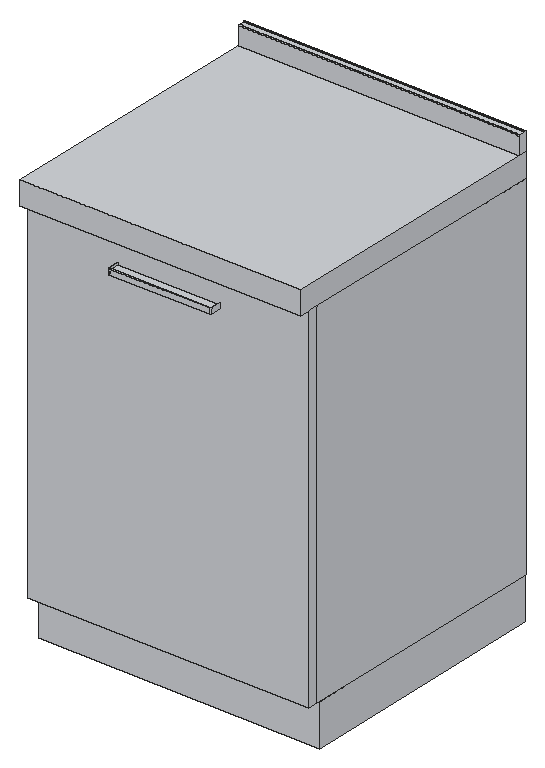
Revit family "Base - Single Door", category 케이스워크, Revit 2026
Family settings
  작업 기준면 기반 = 아니오
  항상 수직 = 예
  로드될 때 보이드를 사용하여 절단 = 아니오
  공유 = 아니오
  룸 계산 점 = 아니오
Parameters (values of type "600 X 600 X 900mm")
  기본 높이 = 0 mm
  Top Material = none
  Material = none
  Handle Material = none
  깊이 = 600 mm
  높이 = 900 mm
  폭 = 600 mm
  Assembly Code = ""
Types (5, lengths in mm): name | 폭 | Assembly Code
  (no name) | 600 | ""
  600 x 450 x 900mm | 450 | "C1030400"
  600 X 600 X 900mm | 600 | ""
  600 x 300 x 900mm | 300 | "C1030400"
  600 x 400 x 900mm | 400 | "C1030400"
Reference planes
  plane 1 "Back": y = 0
  plane 2: z = 0
  plane 3 "Center (Left/Right)": x = 44.7
  plane 4 "Front": y = -600
  plane 5 "Left": x = -255.3
  plane 6 "Right": x = 344.7
  plane 7 "Top": z = 900
  plane 8: z = 90
  plane 9: z = 850
Forms (mm)
  Extrusion 1, solid
    sketch origin (0, 0, 0) x (1, 0, 0) y (0, 1, 0)
      loop
        line (-255.3, 0) -> (-255.3, -558) -> (-233.3, -558) -> (-233.3, -22) -> (322.7, -22) -> (322.7, -558) -> (344.7, -558) -> (344.7, 0) -> (-255.3, 0)
    from 90 to 850
  Extrusion 2, solid, material <- "Material"
    sketch origin (0, 0, 0) x (1, 0, 0) y (0, 1, 0)
      loop
        line (-255.3, -580) -> (344.7, -580) -> (344.7, -558) -> (-255.3, -558) -> (-255.3, -580)
    from 90 to 850
  Extrusion 3, solid, material <- "Top Material"
    sketch origin (0, 0, 900) x (0, -1, 0) y (-1, 0, 0)
      loop
        line (0, 255.3) -> (0, -344.7) -> (600, -344.7) -> (600, 255.3) -> (0, 255.3)
    from 0 to 50
  Extrusion 4, solid, material <- "Material"
    sketch origin (0, 0, 900) x (0, -1, 0) y (-1, 0, 0)
      loop
        line (0.534, 255.3) -> (0.534, -344.7) -> (550.534, -344.7) -> (550.534, 255.3) -> (0.534, 255.3)
    from 810 to 900
  Sweep 5, solid, material <- "Top Material"
    path origin (0, 0, 900) x (0, -1, 0) y (1, 0, 0)
      loop
        line (0, 344.7) -> (0, -255.3)
    profile origin (44.7, 0, 0) x (0, -1, 0) y (0, 0, 1)
      loop
        line (0, 900) -> (15, 900) -> (15, 938)
        arc (15, 938) -> (14.414, 939.414) -> (13, 940) r 2
        line (13, 940) -> (1.504, 940) -> (1.504, 942.003) -> (0, 942.003) -> (0, 900)
Dimensions and locks
  "폭": plane 6 "Right" to plane 5 "Left"
  equal spacing: plane 6 "Right", plane 3 "Center (Left/Right)", plane 5 "Left"
  "깊이": plane 4 "Front" to plane 1 "Back"
  "높이": level to plane 7 "Top"
  locked: Extrusion 1 sketch curve to Extrusion 1 sketch curve at 22  (x3)
  locked: plane 8 to level at 90
  locked: plane 7 "Top" to plane 9 at 50
  equal spacing: plane 5 "Left", nested 1, plane 6 "Right"
  aligned and locked: Extrusion 1 sketch curve to plane 6 "Right"
  aligned and locked: plane 1 "Back" to Extrusion 1 sketch curve
  aligned and locked: plane 5 "Left" to Extrusion 1 sketch curve
  aligned and locked: Extrusion 2 to plane 9
  aligned and locked: Extrusion 1 to plane 9
  aligned and locked: plane 8 to Extrusion 2
  aligned and locked: plane 8 to Extrusion 1
  aligned and locked: Extrusion 4 to Extrusion 1
  aligned and locked: Extrusion 2 to nested 1
Automatic sketch dimensions
  Extrusion 3 sketch curve to plane 1 "Back" = 0 mm
  Extrusion 3 sketch curve to plane 4 "Front" = 0 mm
  Extrusion 3 sketch curve to plane 5 "Left" = 0 mm
  Extrusion 3 sketch curve to plane 6 "Right" = 0 mm
  plane 1 "Back" to Extrusion 4 sketch curve = 0.534 mm
  Extrusion 4 sketch curve to plane 5 "Left" = 0 mm
  Extrusion 4 sketch curve to plane 6 "Right" = 0 mm
  Extrusion 4 sketch curve to plane 4 "Front" = 49.466 mm
  Sweep 5 sketch curve to plane 1 "Back" = 0 mm
  Sweep 5 sketch curve to plane 5 "Left" = 0 mm
  Sweep 5 sketch curve to plane 6 "Right" = 0 mm
  Sweep 5 sketch curve to profile plane = 0 mm  (x2)
  Sweep 5 sketch curve to profile plane = 1.504 mm
  Sweep 5 sketch curve to Sweep 5 sketch curve = 11.496 mm
  Sweep 5 sketch curve to profile plane = 15 mm
  profile plane to Sweep 5 sketch curve = 38 mm
  Sweep 5 sketch curve to Sweep 5 sketch curve = 2.003 mm
  Extrusion 1 sketch curve to plane 4 "Front" = 42 mm  (x2)
  Extrusion 2 sketch curve to plane 5 "Left" = 0 mm
  Extrusion 2 sketch curve to plane 4 "Front" = 20 mm
  Extrusion 2 sketch curve to Extrusion 2 sketch curve = 22 mm
  Extrusion 2 sketch curve to plane 6 "Right" = 0 mm
Nested families
  nested 1: "Casework Handle" at (319.577, -603, 787.18), type "220 x 23mm"
Definition of nested family "Casework Handle"
  Parameters
    Default Elevation = 0 mm
    Material = none
  Reference planes
    plane 1 "Center (Front/Back)": y = 0
    plane 2: z = 0
    plane 3 "Center (Left/Right)": x = -274.877
    plane 4: x = -384.877
    plane 5: x = -164.877
    plane 6: y = 23
    plane 7: z = 12
  Forms (mm)
    Sweep 1, solid, material <- "Material"
      path origin (0, 0, 0) x (1, 0, 0) y (0, 1, 0)
        loop
          line (-384.877, 23) -> (-384.877, 2.5)
          arc (-384.877, 2.5) -> (-384.145, 0.732) -> (-382.377, 0) r 2.5
          line (-382.377, 0) -> (-167.377, 0)
          arc (-167.377, 0) -> (-165.609, 0.732) -> (-164.877, 2.5) r 2.5
          line (-164.877, 2.5) -> (-164.877, 23)
      profile origin (0, 12.75, 0) x (1, 0, 0) y (0, 0, 1)
        loop
          line (-384.877, 0) -> (-382.877, 0) -> (-382.877, 12) -> (-384.877, 12) -> (-384.877, 0)
    Extrusion 2, solid, material <- "Material"
      sketch origin (0, 0, 0) x (1, 0, 0) y (0, 1, 0)
        loop
          arc (-382.877, 2.5) -> (-382.731, 2.146) -> (-382.377, 2) r 0.5
          line (-382.377, 2) -> (-167.377, 2)
          arc (-167.377, 2) -> (-167.023, 2.146) -> (-166.877, 2.5) r 0.5
          line (-166.877, 2.5) -> (-166.877, 23) -> (-382.877, 23) -> (-382.877, 2.5)
      from 2.765 to 9.254
  Dimensions and locks
    equal spacing: plane 4, plane 3 "Center (Left/Right)", plane 5
